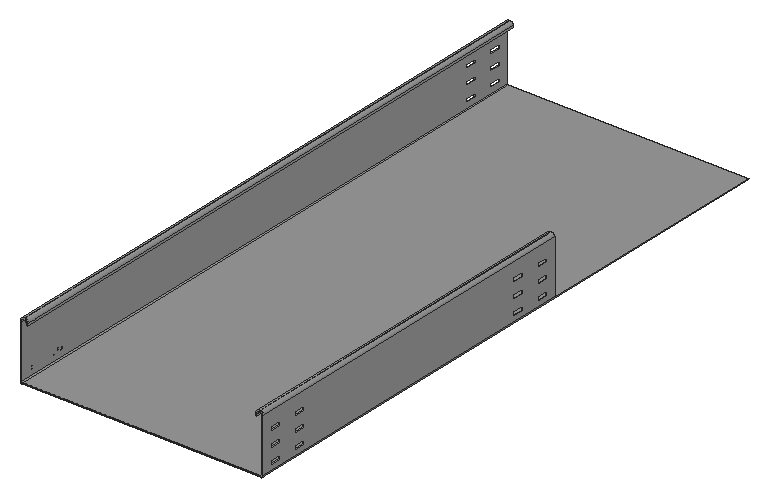
Revit family "Kabelrinne BKRS 1040 90R FS", category Generic Models, Revit 2017
Family settings
  Can host rebar = No
  Round Connector Dimension = Use Diameter
  Part Type = Normal
  Work Plane-Based = No
  Always vertical = Yes
  Cut with Voids When Loaded = No
  Shared = No
  Room Calculation Point = No
Parameters (values of type "BKRS 1040 90R FS")
  Width = 400 mm
  URL = "http://www.obo-bettermann.com"
  Material = Strip galvanised
  Manufacturer Art.No. = "6061936"
  Manufacturer = "OBO BETTERMANN"
  GTIN = "4012196710034"
  Cut's number 3 = 0
  Cut's number 2 = 3
  Cut's number = 2
  Article Type = "BKRS 1040 90R FS"
Reference planes
  plane 1 "Center (Front/Back)": y = 0
  plane 2: z = 0
  plane 3 "Center (Left/Right)": x = 0
  plane 4: y = 1000
  plane 5: y = 700
  plane 6: y = 600
  plane 7: y = 25
  plane 8: z = 15.5
  plane 9: y = 25
  plane 10: z = 40.5
  plane 11: y = 25
  plane 12: z = 65.5
  plane 13: y = 75
  plane 14: z = 15.5
  plane 15: y = 75
  plane 16: z = 40.5
  plane 17: y = 75
  plane 18: z = 65.5
  plane 19: y = 25
  plane 20: z = 15.5
  plane 21: y = 25
  plane 22: z = 40.5
  plane 23: y = 25
  plane 24: z = 65.5
  plane 25: z = 15.5
  plane 26: y = 575
  plane 27: z = 15.5
  plane 28: y = 575
  plane 29: y = 975
  plane 30: z = 15.5
  plane 31: y = 975
  plane 32: z = 40.5
  plane 33: y = 975
  plane 34: z = 65.5
  plane 35: y = 925
  plane 36: z = 15.5
  plane 37: y = 925
  plane 38: z = 40.5
  plane 39: y = 925
  plane 40: z = 65.5
Forms (mm)
  Extrusion 1, solid, material "Strip galvanised" <- "Material"
    sketch origin (0, 0, 0) x (1, 0, 0) y (0, 0, 1)
      loop
        line (3.5, 0) -> (396.5, 0)
        arc (396.5, 0) -> (398.975, 1.025) -> (400, 3.5) r 3.5
        line (400, 3.5) -> (400, 91.947)
        arc (400, 91.947) -> (394, 97.947) -> (388, 91.947) r 6
        line (388, 91.947) -> (388, 89) -> (390, 89) -> (390, 91.947)
        arc (390, 91.947) -> (394, 95.947) -> (398, 91.947) r 4
        line (398, 91.947) -> (398, 3.5)
        arc (398, 3.5) -> (397.561, 2.439) -> (396.5, 2) r 1.5
        line (396.5, 2) -> (3.5, 2)
        arc (3.5, 2) -> (2.439, 2.439) -> (2, 3.5) r 1.5
        line (2, 3.5) -> (2, 91.982)
        arc (2, 91.982) -> (6, 95.982) -> (10, 91.982) r 4
        line (10, 91.982) -> (10, 89) -> (12, 89) -> (12, 91.982)
        arc (12, 91.982) -> (6, 97.982) -> (0, 91.982) r 6
        line (0, 91.982) -> (0, 3.5)
        arc (0, 3.5) -> (1.025, 1.025) -> (3.5, 0) r 3.5
    from 0 to -1000
  Extrusion 2, void
    sketch origin (0, 0, 0) x (1, 0, 0) y (0, 1, 0)
      loop
        line (400, 1000) -> (388, 1000) -> (388, 600) -> (400, 600) -> (400, 1000)
    from 2 to 101.83
  Extrusion 3, solid
    sketch origin (0, 0, 0) x (0, 1, 0) y (0, 0, 1)
      loop
        line (15, 19) -> (15, 12) -> (35, 12) -> (35, 19) -> (15, 19)
    from 0 to 2
  Extrusion 4, solid
    sketch origin (0, 0, 25) x (0, 1, 0) y (0, 0, 1)
      loop
        line (15, 19) -> (15, 12) -> (35, 12) -> (35, 19) -> (15, 19)
    from 0 to 2
  Extrusion 5, solid
    sketch origin (0, 0, 50) x (0, 1, 0) y (0, 0, 1)
      loop
        line (15, 19) -> (15, 12) -> (35, 12) -> (35, 19) -> (15, 19)
    from 0 to 2
  Extrusion 6, solid
    sketch origin (0, 50, 0) x (0, 1, 0) y (0, 0, 1)
      loop
        line (15, 19) -> (15, 12) -> (35, 12) -> (35, 19) -> (15, 19)
    from 0 to 2
  Extrusion 7, solid
    sketch origin (0, 50, 25) x (0, 1, 0) y (0, 0, 1)
      loop
        line (15, 19) -> (15, 12) -> (35, 12) -> (35, 19) -> (15, 19)
    from 0 to 2
  Extrusion 8, solid
    sketch origin (0, 50, 50) x (0, 1, 0) y (0, 0, 1)
      loop
        line (15, 19) -> (15, 12) -> (35, 12) -> (35, 19) -> (15, 19)
    from 0 to 2
  Extrusion 9, void
    sketch origin (0, 0, 0) x (0, 1, 0) y (0, 0, 1)
      loop
        line (15, 19.023) -> (15, 12.023) -> (35, 12.023) -> (35, 19.023) -> (15, 19.023)
    from 398 to 400
  Extrusion 10, solid
    sketch origin (0, 0, 25) x (0, 1, 0) y (0, 0, 1)
      loop
        line (15, 19) -> (15, 12) -> (35, 12) -> (35, 19) -> (15, 19)
    from 0 to 2
  Extrusion 11, solid
    sketch origin (0, 0, 50) x (0, 1, 0) y (0, 0, 1)
      loop
        line (15, 19) -> (15, 12) -> (35, 12) -> (35, 19) -> (15, 19)
    from 0 to 2
  Extrusion 12, void
    sketch origin (0, 0, 25) x (0, 1, 0) y (0, 0, 1)
      loop
        line (15, 19.023) -> (15, 12.023) -> (35, 12.023) -> (35, 19.023) -> (15, 19.023)
    from 398 to 400
  Extrusion 13, void
    sketch origin (0, 0, 50) x (0, 1, 0) y (0, 0, 1)
      loop
        line (15, 19.023) -> (15, 12.023) -> (35, 12.023) -> (35, 19.023) -> (15, 19.023)
    from 398 to 400
  Extrusion 14, void
    sketch origin (0, 50, 0) x (0, 1, 0) y (0, 0, 1)
      loop
        line (15, 19.023) -> (15, 12.023) -> (35, 12.023) -> (35, 19.023) -> (15, 19.023)
    from 398 to 400
  Extrusion 15, void
    sketch origin (0, 50, 25) x (0, 1, 0) y (0, 0, 1)
      loop
        line (15, 19.023) -> (15, 12.023) -> (35, 12.023) -> (35, 19.023) -> (15, 19.023)
    from 398 to 400
  Extrusion 16, void
    sketch origin (0, 50, 50) x (0, 1, 0) y (0, 0, 1)
      loop
        line (15, 19.023) -> (15, 12.023) -> (35, 12.023) -> (35, 19.023) -> (15, 19.023)
    from 398 to 400
  Extrusion 17, void
    sketch origin (0, 0, 0) x (0, 1, 0) y (0, 0, 1)
      loop
        line (565, 19) -> (565, 12) -> (585, 12) -> (585, 19) -> (565, 19)
    from 398 to 400
  Extrusion 18, void
    sketch origin (0, 0, 25) x (0, 1, 0) y (0, 0, 1)
      loop
        line (565, 19) -> (565, 12) -> (585, 12) -> (585, 19) -> (565, 19)
    from 398 to 400
  Extrusion 19, void
    sketch origin (0, 0, 50) x (0, 1, 0) y (0, 0, 1)
      loop
        line (565, 19) -> (565, 12) -> (585, 12) -> (585, 19) -> (565, 19)
    from 398 to 400
  Extrusion 20, void
    sketch origin (0, -50, 0) x (0, 1, 0) y (0, 0, 1)
      loop
        line (565, 19) -> (565, 12) -> (585, 12) -> (585, 19) -> (565, 19)
    from 398 to 400
  Extrusion 21, void
    sketch origin (0, -50, 25) x (0, 1, 0) y (0, 0, 1)
      loop
        line (565, 19) -> (565, 12) -> (585, 12) -> (585, 19) -> (565, 19)
    from 398 to 400
  Extrusion 22, void
    sketch origin (0, -50, 50) x (0, 1, 0) y (0, 0, 1)
      loop
        line (565, 19) -> (565, 12) -> (585, 12) -> (585, 19) -> (565, 19)
    from 398 to 400
  Extrusion 23, void
    sketch origin (0, 0, 0) x (0, 1, 0) y (0, 0, 1)
      loop
        line (985, 19) -> (965, 19) -> (965, 12) -> (985, 12) -> (985, 19)
    from 0 to 2
  Extrusion 24, void
    sketch origin (0, 0, 25) x (0, 1, 0) y (0, 0, 1)
      loop
        line (985, 19) -> (965, 19) -> (965, 12) -> (985, 12) -> (985, 19)
    from 0 to 2
  Extrusion 25, void
    sketch origin (0, 0, 50) x (0, 1, 0) y (0, 0, 1)
      loop
        line (985, 19) -> (965, 19) -> (965, 12) -> (985, 12) -> (985, 19)
    from 0 to 2
  Extrusion 26, void
    sketch origin (0, -50, 0) x (0, 1, 0) y (0, 0, 1)
      loop
        line (985, 19) -> (965, 19) -> (965, 12) -> (985, 12) -> (985, 19)
    from 0 to 2
  Extrusion 27, void
    sketch origin (0, -50, 25) x (0, 1, 0) y (0, 0, 1)
      loop
        line (985, 19) -> (965, 19) -> (965, 12) -> (985, 12) -> (985, 19)
    from 0 to 2
  Extrusion 28, void
    sketch origin (0, -50, 50) x (0, 1, 0) y (0, 0, 1)
      loop
        line (985, 19) -> (965, 19) -> (965, 12) -> (985, 12) -> (985, 19)
    from 0 to 2
Cuts and joins
  Extrusion 2, Extrusion 9, Extrusion 12, Extrusion 13, Extrusion 14, Extrusion 15, Extrusion 16, Extrusion 17, Extrusion 18, Extrusion 19, Extrusion 20, Extrusion 21, Extrusion 22, Extrusion 23, Extrusion 24, Extrusion 25, Extrusion 26, Extrusion 27, Extrusion 28 cuts Extrusion 1
  Extrusion 9 cuts Extrusion 3
Dimensions and locks
  Extrusion 1 sketch curve to Extrusion 1 sketch curve = 400 mm
  locked: Extrusion 1 sketch curve to Extrusion 1 sketch curve at 97.947
  locked: Extrusion 1 sketch curve to Extrusion 1 sketch curve at 97.982
  locked: Extrusion 1 sketch curve to Extrusion 1 sketch curve at 2  (x3)
  locked: Extrusion 1 sketch curve to Extrusion 1 sketch curve at 8.982
  locked: Extrusion 1 sketch curve to Extrusion 1 sketch curve at 8.947
  locked: Extrusion 1 sketch curve to Extrusion 1 sketch curve at 12  (x2)
  locked: plane 1 "Center (Front/Back)" to plane 4 at 1000
  Extrusion 1 to plane 5 = 300 mm
  "Width": cut or joined group 1 (Extrusion 1, Extrusion 2, Extrusion 9, Extrusion 12, Extrusion 13, Extrusion 14, Extrusion 15, Extrusion 16, Extrusion 17, Extrusion 18, Extrusion 19, Extrusion 20, Extrusion 21, Extrusion 22, Extrusion 23, Extrusion 24, Extrusion 25, Extrusion 26, Extrusion 27, Extrusion 28) to cut or joined group 1
  locked: cut or joined group 1 to plane 6 at 400
  locked: Extrusion 3 sketch curve to Extrusion 3 sketch curve at 7
  locked: plane 8 to Extrusion 3 sketch curve at 3.5
  locked: Extrusion 3 sketch curve to Extrusion 3 sketch curve at 20
  locked: plane 7 to Extrusion 3 sketch curve at 10
  locked: Extrusion 4 sketch curve to Extrusion 4 sketch curve at 7
  locked: plane 10 to Extrusion 4 sketch curve at 3.5
  locked: Extrusion 4 sketch curve to Extrusion 4 sketch curve at 20
  locked: plane 9 to Extrusion 4 sketch curve at 10
  locked: Extrusion 5 sketch curve to Extrusion 5 sketch curve at 7
  locked: plane 12 to Extrusion 5 sketch curve at 3.5
  locked: Extrusion 5 sketch curve to Extrusion 5 sketch curve at 20
  locked: plane 11 to Extrusion 5 sketch curve at 10
  locked: Extrusion 6 sketch curve to Extrusion 6 sketch curve at 7
  locked: plane 14 to Extrusion 6 sketch curve at 3.5
  locked: Extrusion 6 sketch curve to Extrusion 6 sketch curve at 20
  locked: plane 13 to Extrusion 6 sketch curve at 10
  locked: Extrusion 7 sketch curve to Extrusion 7 sketch curve at 7
  locked: plane 16 to Extrusion 7 sketch curve at 3.5
  locked: Extrusion 7 sketch curve to Extrusion 7 sketch curve at 20
  locked: plane 15 to Extrusion 7 sketch curve at 10
  locked: Extrusion 8 sketch curve to Extrusion 8 sketch curve at 7
  locked: plane 18 to Extrusion 8 sketch curve at 3.5
  locked: Extrusion 8 sketch curve to Extrusion 8 sketch curve at 20
  locked: plane 17 to Extrusion 8 sketch curve at 10
  locked: plane 20 to level at 15.5
  locked: cut or joined group 1 to plane 19 at 25
  locked: Extrusion 9 sketch curve to Extrusion 9 sketch curve at 7
  locked: Extrusion 9 sketch curve to Extrusion 9 sketch curve at 20
  locked: Extrusion 10 sketch curve to Extrusion 10 sketch curve at 7
  locked: plane 22 to Extrusion 10 sketch curve at 3.5
  locked: Extrusion 10 sketch curve to Extrusion 10 sketch curve at 20
  locked: plane 21 to Extrusion 10 sketch curve at 10
  locked: Extrusion 11 sketch curve to Extrusion 11 sketch curve at 7
  locked: plane 24 to Extrusion 11 sketch curve at 3.5
  locked: Extrusion 11 sketch curve to Extrusion 11 sketch curve at 20
  locked: plane 23 to Extrusion 11 sketch curve at 10
  locked: Extrusion 12 sketch curve to Extrusion 12 sketch curve at 7
  locked: Extrusion 12 sketch curve to Extrusion 12 sketch curve at 20
  locked: Extrusion 13 sketch curve to Extrusion 13 sketch curve at 7
  locked: Extrusion 13 sketch curve to Extrusion 13 sketch curve at 20
  locked: Extrusion 14 sketch curve to Extrusion 14 sketch curve at 7
  locked: Extrusion 14 sketch curve to Extrusion 14 sketch curve at 20
  locked: Extrusion 15 sketch curve to Extrusion 15 sketch curve at 7
  locked: Extrusion 15 sketch curve to Extrusion 15 sketch curve at 20
  locked: Extrusion 16 sketch curve to Extrusion 16 sketch curve at 7
  locked: Extrusion 16 sketch curve to Extrusion 16 sketch curve at 20
  group 3 to group 4 = 0 mm  (x2)
  group 3 to group 4 = 50 mm
  locked: Extrusion 17 sketch curve to Extrusion 17 sketch curve at 20
  locked: Extrusion 17 sketch curve to Extrusion 17 sketch curve at 7
  locked: Extrusion 18 sketch curve to Extrusion 18 sketch curve at 20
  locked: Extrusion 18 sketch curve to Extrusion 18 sketch curve at 7
  locked: Extrusion 19 sketch curve to Extrusion 19 sketch curve at 20
  locked: Extrusion 19 sketch curve to Extrusion 19 sketch curve at 7
  locked: Extrusion 20 sketch curve to Extrusion 20 sketch curve at 20
  locked: Extrusion 20 sketch curve to Extrusion 20 sketch curve at 7
  locked: Extrusion 21 sketch curve to Extrusion 21 sketch curve at 20
  locked: Extrusion 21 sketch curve to Extrusion 21 sketch curve at 7
  locked: Extrusion 22 sketch curve to Extrusion 22 sketch curve at 20
  locked: Extrusion 22 sketch curve to Extrusion 22 sketch curve at 7
  group 5 to group 6 = 0 mm  (x2)
  group 6 to group 5 = 50 mm
  locked: Extrusion 23 sketch curve to Extrusion 23 sketch curve at 7
  locked: plane 30 to Extrusion 23 sketch curve at 3.5
  locked: Extrusion 23 sketch curve to Extrusion 23 sketch curve at 20
  locked: plane 29 to Extrusion 23 sketch curve at 10
  locked: Extrusion 24 sketch curve to Extrusion 24 sketch curve at 7
  locked: plane 32 to Extrusion 24 sketch curve at 3.5
  locked: Extrusion 24 sketch curve to Extrusion 24 sketch curve at 20
  locked: plane 31 to Extrusion 24 sketch curve at 10
  locked: Extrusion 25 sketch curve to Extrusion 25 sketch curve at 7
  locked: plane 34 to Extrusion 25 sketch curve at 3.5
  locked: Extrusion 25 sketch curve to Extrusion 25 sketch curve at 20
  locked: plane 33 to Extrusion 25 sketch curve at 10
  locked: Extrusion 26 sketch curve to Extrusion 26 sketch curve at 7
  locked: plane 36 to Extrusion 26 sketch curve at 3.5
  locked: Extrusion 26 sketch curve to Extrusion 26 sketch curve at 20
  locked: plane 35 to Extrusion 26 sketch curve at 10
  locked: Extrusion 27 sketch curve to Extrusion 27 sketch curve at 7
  locked: plane 38 to Extrusion 27 sketch curve at 3.5
  locked: Extrusion 27 sketch curve to Extrusion 27 sketch curve at 20
  locked: plane 37 to Extrusion 27 sketch curve at 10
  locked: Extrusion 28 sketch curve to Extrusion 28 sketch curve at 7
  locked: plane 40 to Extrusion 28 sketch curve at 3.5
  locked: Extrusion 28 sketch curve to Extrusion 28 sketch curve at 20
  locked: plane 39 to Extrusion 28 sketch curve at 10
  group 7 to group 8 = 0 mm  (x2)
  group 8 to group 7 = 50 mm
  aligned and locked: level to plane 2
  aligned and locked: plane 1 "Center (Front/Back)" to Extrusion 1
  aligned and locked: plane 4 to Extrusion 1
  aligned and locked: Extrusion 2 to Extrusion 1  (x4)
  aligned and locked: Extrusion 2 to plane 6
  aligned and locked: Extrusion 3 to plane 3 "Center (Left/Right)"
  aligned and locked: cut or joined group 1 to Extrusion 3
  aligned and locked: Extrusion 1 to Extrusion 9  (x2)
  aligned and locked: plane 27 to plane 25
  aligned and locked: plane 26 to plane 28
  aligned and locked: Extrusion 1 to Extrusion 17  (x2)
  aligned and locked: Extrusion 23 to plane 3 "Center (Left/Right)"
  aligned and locked: Extrusion 1 to Extrusion 23
Automatic sketch dimensions
  Extrusion 1 sketch curve to Extrusion 1 sketch curve = 0 mm  (x8)
  Extrusion 1 sketch curve to plane 3 "Center (Left/Right)" = 0 mm
  Extrusion 1 sketch curve to level = 0 mm
  Extrusion 1 sketch curve to Extrusion 1 sketch curve = 1.5 mm  (x2)
  Extrusion 2 sketch curve to plane 4 = 0 mm
  Extrusion 2 sketch curve to plane 5 = 100 mm
  plane 3 "Center (Left/Right)" to Extrusion 2 sketch curve = 388 mm
  Extrusion 2 sketch curve to Extrusion 2 sketch curve = 12 mm
